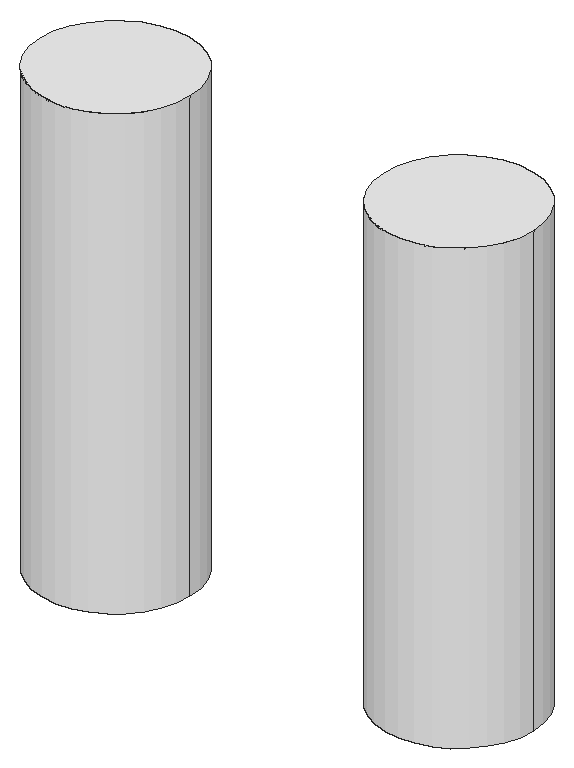
Revit family "92731129(2023)", category Plumbing Fixtures, Revit 2020
Family settings
  Round Connector Dimension = Use Diameter
  Part Type = Normal
  OmniClass Number = 23.45.55.00
  OmniClass Title = Sanitary Faucets, Wastes
  Work Plane-Based = No
  Always vertical = Yes
  Cut with Voids When Loaded = No
  Shared = No
  Room Calculation Point = No
Parameters (values of type "92731129 Washbasin faucet, 230/9 V, Bluetooth")
  Working Pressure = "100 - 1000 kPa"
  WarrantyStartDate [instance] = "n/a"
  WarrantyGuarantorParts = "n/a"
  WarrantyGuarantorLabor = "n/a"
  WarrantyDurationUnit = "Year"
  WarrantyDurationParts = "n/a"
  WarrantyDurationLabor = "n/a"
  WarrantyDescription = "http://warranty.hansa.com"
  Warranty Information URL = "http://warranty.hansa.com"
  VersionDate = "01/06/2023"
  Version = "1"
  ValvePattern = "n/a"
  ValveOperation = "n/a"
  ValveMechanism = "n/a"
  Uniclass2015Reference = "Pr_40_20_87_96"
  Uniclass2015Description = "Washbasin manual water supply sets"
  Uniclass2 = "Pr_40_30_96_96"
  URL WEEE = "http://static.hansa.com/WEEE/92731129"
  URL UWL = "http://static.hansa.com/UWL/92731129"
  URL REACH = "http://static.hansa.com/doc/reach"
  URL Materials Declaration = "http://www.hansa.com/fileadmin/resources/183273_92731129_materialsdeclaration.pdf"
  URL EcoLabel Declaration = "http://static.hansa.com/doc/EcoLabel"
  URL EU Packaging Declaration = "http://static.hansa.com/doc/packaging"
  URL Declaration of SCIP = "http://static.hansa.com/doc/SCIP"
  URL Declaration of Conformity = "http://static.hansa.com/DoC/92731129"
  URL Declaration of Asbestos = "http://static.hansa.com/doc/asbestos"
  URL Declaration Of Performance (DOP) = "http://static.hansa.com/doc/DoP"
  URL = ""
  UNSPSC Class Number = "30181700 Faucets or taps"
  Type Comments = ""
  TestPressure = "n/a"
  Temperature Adjustments = "Adjustable hot water stop (included, retrofittable)"
  Technical DataSheet URL = "http://www.hansa.com/datasheet/92731129/en"
  TagNumber [instance] = "n/a"
  SustainabilityPerformance = "n/a"
  Surface treatment = "Chrome"
  Spout Type = "Fixed spout"
  Spout Projection = "123 mm"
  Size = "70x170x135 mm"
  Shape = "Sculptured"
  SerialNumber [instance] = "n/a"
  Sales Package dimensions (LxWxH) = "568 x 182 x 78"
  Revision = "n/a"
  ReplacementCost = "n/a"
  Protection Class = "IP 55 / transformer IP 20"
  ProductInformation = "n/a"
  Product URL = "http://static.hansa.com/92731129"
  Product Image URL = "http://static.hansa.com/image/92731129"
  Product Family = "HANSAELECTRA Digital"
  Product Code = "92731129"
  OperatingMechanismMaterial = "n/a"
  Operating Voltage = 9 V
  Operating Distance = "20-130 mm (110/130/160 mm)"
  NominalWidth = 68.942 mm
  NominalHeight = 135.012 mm
  NominalDepth = 167.912 mm
  Noise Class = "I (ISO 3822) "
  Name_en = "92731129 Washbasin faucet, 230/9 V, Bluetooth"
  Name = "92731129 Washbasin faucet, 230/9 V, Bluetooth"
  NBSReference = "45-35-70/371"
  NBSDescription = "Water supply fittings for wash basins and troughs"
  Mounting Holes = "1 hole"
  ModelReference = "92731129"
  ModelNumber = "n/a"
  Model = "92731129 Washbasin faucet, 230/9 V, Bluetooth"
  Mobile Product Information URL = "http://mpi.hansa.com/92731129"
  Mechanical Parts = "Mixing valve for manual temperature control;Non-return valve(s);Litter filter(s)"
  Max. Hot Water Supply = 70 °C
  Max Flow Period = "2 min (1 - 1800 s)"
  Material = "Brass"
  Market = "International;Germany;Austria;Switzerland;Belgium;Netherlands;Italy"
  ManufacturerURL = "http://www.hansa.com"
  ManufacturerName = "HANSA"
  Manufacturer = "HANSA"
  Long Marketing = "Electra 92 series give you a clean classic design with beautiful round body flowing into round spout design with a clear design line framing the faucet design.\nA Classic design for any installation.\n\nKey Features\nAerator with Tilt function +/- 10° for more flexible installation\nNewest Sensor technology for better detection and operation comfort\nBluetooth technology for easy adjustment to personalize settings \nAntiscalding protection\nTemperature measurement\nDigital Network Service\nPower Plug"
  Lever Handle = "Temperature control handle"
  Keynote = ""
  InstallationDate [instance] = "n/a"
  Installation Type = "Deck mounted"
  InletConnectionSize = 10 mm
  IfcExportType = "FAUCET"  # constant formula
  IfcExportAs = "IfcValveType"  # constant formula
  Group = "Washbasin faucet"
  Grade = "n/a"
  FlowCoefficient = 0
  Flow Rate At 300kPa With Flow Controller = 0.08 L/s
  Flow Drawing URL = "http://static.hansa.com/flowchart/92731129"
  Finish = "Polished"
  Features = "Touchless;Plug transformer;Low pressure;Bluetooth®"
  FaucetMainMaterial = Brass
  FDV Document URL = "http://www.hansa.com/datasheet/92731129/en/fdv"
  ExpectedLife = "n/a"
  Electronic Parts = ";Power supply;Light indicated function(s)"
  Electrical Connection = "230 / 9 V"
  ETIM Class Number = "EC010340 Electronic tap"
  EN Standard = "EN 15091"
  EMC Directive = "2014/53/EU , 2011/65/EU"
  EAN Number = "4057304019470"
  DurationUnit = "Year"
  Dimension Drawing URL = "http://static.hansa.com/dimdrw/92731129"
  Description = ""
  DefaultElevation [instance] = 900 mm
  Default Elevation = 0 mm
  Constituents = "n/a"
  Connection Size = "G3/8"
  Connection = "Flexible inlet pipes"
  Color = "Chrome"
  CodePerformance = "n/a"
  CloseOffRating = 0
  Catalog Drawing URL = "http://static.hansa.com/catdrw/92731129"
  Brand = "HANSA"
  BodyMaterial = "Brass"
  Bluetooth = "5.x (D060576)"
  Barcode [instance] = "n/a"
  Backflow Prevention EN1717 = "AA"
  BIMObjectName = "92731129(2023)"
  Automatic Flush Period = "30 s (1-1800 s)"
  Automatic Flush Frequency = "off (off/1-120 h)"
  Author = "BIMStone"
  AssetType = "Fixed"
  AssetIdentifier [instance] = "n/a"
  Afterflow Period = "3 s (1-20 s)"
  Aerator = "Laminar stream"
  Advanced Features = "3S-installation system for safe and simple mounting"
  AccessibilityPerformance = "n/a"
  2D/3D/BIM Files URL = "http://static.hansa.com/bim/92731129"
Reference planes
  plane 1 "Center (Front/Back)": y = 0
  plane 2: z = 0
  plane 3 "Center (Left/Right)": x = 0
  plane 4: x = -27.96
  plane 5: z = 900
  plane 6: z = 870
  plane 7: y = -167.912
  plane 8: x = 27.96
  plane 9: z = 1035.012
  plane 10: x = 40.982
Forms (mm)
  Extrusion 1, solid, material "Brass" <- "FaucetMainMaterial"
    sketch origin (0, -2.393, 0) x (1, 0, 0) y (0, 1, 0)
      loop
        circle (-11.5, -22.5) r 5
      loop
        circle (11.5, -22.5) r 5
    from 870 to 900
Dimensions and locks
  "DefaultElevation": plane 5 to level
  locked: plane 5 to plane 6 at 30
  "NominalDepth": plane 7 to plane 1 "Center (Front/Back)"
  equal spacing: plane 4, plane 3 "Center (Left/Right)", plane 8
  "NominalHeight": plane 9 to plane 5
  locked: plane 8 to plane 10 at 13.022
  "NominalWidth": plane 4 to plane 10
  "InletConnectionSize": diameter of Extrusion 1 sketch curve  (x2)
  aligned and locked: level to plane 2
  aligned and locked: plane 5 to Extrusion 1
  aligned and locked: Extrusion 1 to plane 6
  aligned and locked: plane 1 "Center (Front/Back)" to nested 2
  aligned and locked: plane 3 "Center (Left/Right)" to nested 2
  aligned and locked: plane 3 "Center (Left/Right)" to nested 1
  aligned and locked: plane 1 "Center (Front/Back)" to nested 1
  aligned and locked: plane 5 to nested 2
Automatic sketch dimensions
  Extrusion 1 sketch curve to plane 3 "Center (Left/Right)" = 11.5 mm
  plane 3 "Center (Left/Right)" to Extrusion 1 sketch curve = 11.5 mm
  plane 1 "Center (Front/Back)" to Extrusion 1 sketch curve = 24.893 mm
  Extrusion 1 sketch curve to Extrusion 1 sketch curve = 0 mm
Nested families
  nested 1: "Symbol" at (0, 0, 0), type "Symbol", detail levels coarse
  nested 2: "92731129(2023)_Body" at (0, 0, 900), Material <- "FaucetMainMaterial", type "92731129(2023)_Body"
    with Material Brass
Connectors
  piping at (-11.5, -24.893, 870), diameter 10, driven by "InletConnectionSize"
    settings: on Extrusion 1, index 1, connector inside diameter 609.6 mm, connector length 0 mm, flow factor 0, pipe flow 0.2 L/s, pressure drop 0.0 Pa, fitting loss kfactor 0, connector angle 0.00°, fixture units 0, engagement length 0 mm, angle of deflection 0.00°, flow configuration 1, flow direction 1, fitting loss method 0, system type 19, joint type 0, gender type 0, connector reference index -1, connector utility 0, adjustable connector no, is connector primary yes, connector description ""
  piping at (11.5, -24.893, 870), diameter 10, driven by "InletConnectionSize"
    settings: on Extrusion 1, index 2, connector inside diameter 609.6 mm, connector length 0 mm, flow factor 0, pipe flow 0.2 L/s, pressure drop 0.0 Pa, fitting loss kfactor 0, connector angle 0.00°, fixture units 0, engagement length 0 mm, angle of deflection 0.00°, flow configuration 1, flow direction 1, fitting loss method 0, system type 20, joint type 0, gender type 0, connector reference index -1, connector utility 0, adjustable connector no, is connector primary no, connector description ""
Definition of nested family "Symbol"
  Reference planes
    plane 1: y = 0
    plane 2: x = 0
  Lines and regions (mm)
    detail lines
      curve 1: line (0, 0, 0) -> (0, -1.8, 0)
      curve 2: line (-0.4, -1.1, 0) -> (0.4, -1.1, 0)
      curve 3: line (-0.4, -1.4, 0) -> (0.4, -1.4, 0)
      curve 4: line (0.863, 0, 0) -> (-0.863, 0, 0)
      curve 5: circle (-1.163, 0, 0) r 0.3 normal (0, 0, -1)
      curve 6: circle (1.163, 0, 0) r 0.3 normal (0, 0, 1)
